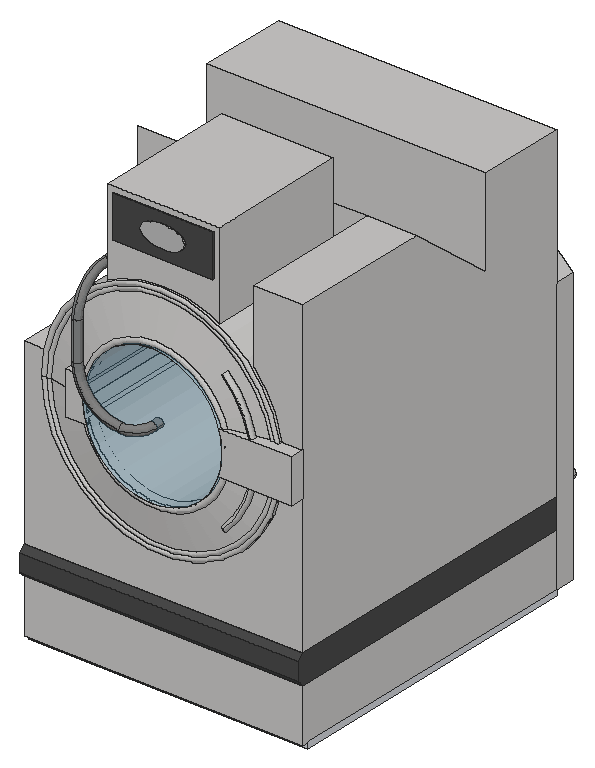
Revit family
Parameters (values of type "!!This family is not loaded correctly, check that you are not in the family editor and that the type catalog is available")
  _2 Drain Outlets = 1
  _150 Visibility = 0
  Water Inlet Connection Radius = Water Inlet Connection / 2  # 0.500"
  Water Inlet Connection = 1.000"
  Voltage Class = "Q"
  Voltage [instance] = 208 V
  Visibility Clearance Space [instance] = no
  Unit Elevation = 0.906"
  URL = "http://www.unimac.com/Products/we.asp"
  Top Width = B1 / 2.5  # 20.000"
  Top Distance = B1 / 8.384  # 5.96374"
  Supply Valve Box Placement = B1 / 8  # 6.250"
  Small Capacity Pipe Placement 2 = Cylinder Radius / 1.01  # 21.28713"
  Small Capacity Pipe Placement = Top Width / 1.8  # 11.11111"
  Side Clearance = 16.000"
  Serial Plate Rating = "200-208/220-240/50/60/3ph"
  Rear Clearance = 14.000"
  Q = 3.500"
  Product Family = "UWN"
  P = 2.800"
  Overall Width = 50.000"
  Overall Height = 79.000"
  Overall Depth = 63.000"
  Outside Door Radius = Door Radius + 1.000"  # 13.500"
  Other Capacities Geometry Visibility = not([150 Visibility])  # yes
  OmniClass Title = "Commercial Laundry Equipment"
  OmniClass Number = "23.45.70.11.14"
  O = 5.000"
  Number of Speeds = 2
  Number of Poles = 3
  N = 2.300"
  Model = "!! Family not loaded correctly"
  Material = Metal - Steel - Stainless - Alliance Laundry
  MasterFormat Section Title = "Commercial Washers and Extractors"
  MasterFormat Section Number = "11 23 26"
  Manufacturer = "Alliance Laundry"
  M = 3.600"
  Label Placement = Cylinder Radius * 1.2  # 25.800"
  L = 7.100"
  K = 66.000"
  J = 63.000"
  Hot Water Consumption = "GPH"
  Height of Door Bottom Above Floor = 32.000"
  Heater = "P"
  H = 16.000"
  G2 = 56.000"
  Frequency [instance] = 50 Hz
  Floor Requirement = "Must have 12 inches of concrete beneath the machine. Do Not isolate the pad"
  F = 79.000"
  E2 = 3.000"
  Dynamic Load = 0.00 kip
  Dynamic Load Frequency = 0 Hz
  Drive Motor Power = 1342.26 VA
  Drain Radius = Drain Diameter / 2  # 1.1875"
  Drain Placement = if([2 Drain Outlets], D / 2, 0.000")  # 31.500"
  Drain Diameter = 2.375"
  Door Radius = Door Opening Size / 2  # 12.500"
  Door Opening Size = 25.000"
  Door Handle Radius = Door Radius * 1.4  # 17.500"
  Door Bracket Width = Door Radius / 1.6  # 7.8125"
  Door Bracket Placement = (Cylinder Radius - Door Radius) / 2  # 4.500"
  Description = "Washer-Extractor"
  D = 63.000"
  Cylinder Volume = 0.65129 m³
  Cylinder Radius = Cylinder Diameter / 2  # 21.500"
  Cylinder Diameter = 43.000"
  Cylinder Depth = 28.000"
  Control = "K"
  Concrete Min = 0.000"
  Circuit Breaker Size = 0 A
  Capacity = "35"
  C = 32.000"
  Body Height 2 = Overall Height / 15  # 5.26667"
  Body Height 1 = 9.667"
  Base Height = C / 32  # 1.000"
  Back Width = G2 / 3.5  # 16.000"
  Back Elevation = 1.000"
  B1 = 50.000"
  Assembly Code = "E1010610"
  Apparent Power = Drive Motor Power  # 1342.26 VA
  Apparent Load = Drive Motor Power  # 1342.26 VA
  Actual Amp Draw = 0 A
  A = 50.000"
  2 Drain Outlets = _2 Drain Outlets = 1  # yes
  150 Visibility = _150 Visibility = 1  # no
Reference planes (in)
  plane 1 "Center (Front/Back)": y = 0
  plane 2: z = 0
  plane 3 "Center (Left/Right)": x = 0
  plane 4: x = -25
  plane 5: x = 25
  plane 6: z = 79
  plane 7: z = 32
  plane 8: y = 31.5
  plane 9: y = -31.5
  plane 10: y = 24.5
  plane 11: y = -25.5
  plane 12: y = -3.5
  plane 13: z = 44.5
  plane 14: y = -34.5
  plane 15: x = -11.11111
  plane 16: z = 65.78713
  plane 17: y = 28
  plane 18: y = -28
  plane 19: y = 34.5
  plane 20: y = -30.5
  plane 21 "Drain Placement": y = 31.5
  plane 22: through (-11.385, -180, 68.1) normal (-0.7071, 0, -0.7071)
  plane 23: through (-25.125, -180, 54.36) normal (-0.7071, 0, -0.7071)
  plane 24: x = 13.64348
  plane 25: x = -1.62704
  plane 26: x = 1.62704
  plane 27: x = -41
  plane 28: y = 48.5
  plane 29: x = 32.16047
Forms (in)
  Extrusion 1, solid, visible <- "Other Capacities Geometry Visibility", detail levels fine
    sketch origin (0, 0, 0) x (1, 0, 0) y (0, 1, 0)
      loop
        line (-25, 28) -> (-25, -28) -> (25, -28) -> (25, 28) -> (-25, 28)
    from 0 to 1
  Extrusion 2, solid, material "Metal - Steel - Stainless - Alliance Laundry" <- "Material", visible <- "150 Visibility", detail levels fine
    sketch origin (0, 0, 0) x (1, 0, 0) y (0, 0, 1)
      loop
        line (-25, 0) -> (-17.5, 0) -> (-17.5, 3) -> (17.5, 3) -> (17.5, 0) -> (25, 0) -> (25, 0.91331) -> (23.5, 0.91331) -> (23.5, 5.25) -> (-23.5, 5.25) -> (-23.5, 0.91331) -> (-25, 0.91331) -> (-25, 0)
    from -28 to 28
  Extrusion 3, solid, material "Metal - Steel - Stainless - Alliance Laundry" <- "Material", detail levels fine
    sketch origin (0, 0, 0) x (1, 0, 0) y (0, 1, 0)
      loop
        line (-25, 28) -> (-25, -29) -> (25, -29) -> (25, 28) -> (-25, 28)
    from 0.906 to 10.573
  Extrusion 4, solid, material "Plastic - Black - Alliance Laundry", detail levels fine
    sketch origin (0, 0.5, 0) x (0, 1, 0) y (0, 0, 1)
      loop
        line (-29.5, 15.83967) -> (-30.5, 14.83967) -> (-30.5, 11.573) -> (-29.5, 10.573) -> (27.5, 10.573) -> (27.5, 15.83967) -> (-29.5, 15.83967)
    from -25 to 25
  Extrusion 5, solid, material "Metal - Steel - Stainless - Alliance Laundry" <- "Material", detail levels fine
    sketch origin (0, 0, 0) x (1, 0, 0) y (0, 0, 1)
      loop
        line (-25, 48.40625) -> (-25, 15.83967) -> (25, 15.83967) -> (25, 48.40625) -> (21.0252, 48.40625)
        arc (21.0252, 48.40625) -> (0, 23.11501) -> (-21.0252, 48.40625) r 21.38499
        line (-21.0252, 48.40625) -> (-25, 48.40625)
    from -28 to 29
  Extrusion 6, solid, material "Metal - Steel - Stainless - Alliance Laundry" <- "Material", detail levels fine
    sketch origin (0, 0, 0) x (1, 0, 0) y (0, 0, 1)
      loop
        arc (-10, 63.50651) -> (0, 65.97667) -> (10, 63.50651) r 21.47667
        line (10, 63.50651) -> (10, 79) -> (-10, 79) -> (-10, 63.50651)
    from 3.5 to 29
  Extrusion 7, solid, material "Metal - Steel - Stainless - Alliance Laundry" <- "Material", detail levels fine
    sketch origin (0, 0, 0) x (0, 1, 0) y (0, 0, 1)
      loop
        line (12, 59.03967) -> (-3.5, 71.78773) -> (-3.5, 15.83967) -> (12, 15.83967) -> (12, 59.03967)
    from -25 to 25
  Extrusion 8, solid, material "Metal - Steel - Stainless - Alliance Laundry" <- "Material", detail levels fine
    sketch origin (0, 0, 0) x (1, 0, 0) y (0, 0, 1)
      loop
        line (-25, 75) -> (-25, 15.83967) -> (25, 15.83967) -> (25, 75) -> (-25, 75)
    from -28 to -12
  Extrusion 9, solid, material "Metal - Steel - Stainless - Alliance Laundry" <- "Material", detail levels fine
    sketch origin (0, 0, 0) x (1, 0, 0) y (0, 0, 1)
      loop
        line (25, 1) -> (25, 50.32944) -> (11.32944, 64) -> (-11.32944, 64) -> (-25, 50.32944) -> (-25, 1) -> (25, 1)
    from -31.5 to -28
  Sweep 10, solid, material "Metal - Steel - Dark Grey - Alliance Laundry", visible <- "Other Capacities Geometry Visibility", detail levels fine
    path in 3D
      loop
        line (0, -30, 44.5) -> (0, -31.5, 44.5)
        arc (0, -31.5, 44.5) -> (-0.87868, -33.62132, 44.5) -> (-3, -34.5, 44.5) r 3
        arc (-3, -34.5, 44.5) -> (-8.73542, -34.5, 46.87569) -> (-11.11111, -34.5, 52.61111) r 8.11111
        line (-11.11111, -34.5, 52.61111) -> (-11.11111, -34.5, 59.45954)
        arc (-11.11111, -34.5, 59.45954) -> (-11.11111, -32.64669, 63.93382) -> (-11.11111, -28.17241, 65.78713) r 6.32759
        line (-11.11111, -28.17241, 65.78713) -> (-11.11111, -16.98541, 65.78713)
        arc (-11.11111, -16.98541, 65.78713) -> (-9.97202, -14.23541, 65.78713) -> (-7.22202, -13.09632, 65.78713) r 3.88909
    profile origin (0, -30.75, 44.5) x (1, 0, 0) y (0, 0, 1)
      loop
        circle (0, 0) r 0.75
  Extrusion 11, solid, material "Metal - Steel - Stainless - Alliance Laundry" <- "Material", detail levels fine
    sketch origin (0, 0, 0) x (1, 0, 0) y (0, 0, 1)
      loop
        circle (0, 44.5) r 21.5
      loop
        circle (0, 44.5) r 12.5
    from 0 to 31.5
  Sweep 12, void
    path in 3D
      loop
        arc (-21.5, -31.5, 44.5) -> (0, -31.5, 66) -> (21.5, -31.5, 44.5) r 21.5
        arc (21.5, -31.5, 44.5) -> (0, -31.5, 23) -> (-21.5, -31.5, 44.5) r 21.5
    profile origin (0, -31.5, 23) x (0, 0, -1) y (0, -1, 0)
      loop
        line (-8.053, -0.72957) -> (-1.5905, -2.13297)
        arc (-1.5905, -2.13297) -> (-1.19367, -1.83857) -> (-0.83264, -2.17592) r 0.38584
        arc (-0.83264, -2.17592) -> (-0.41632, -1.7596) -> (0, -2.17592) r 0.41632
        line (0, -2.17592) -> (0, 0) -> (-9, 0) -> (-9, -0.72957)
        arc (-9, -0.72957) -> (-8.5265, -0.25607) -> (-8.053, -0.72957) r 0.4735
  Extrusion 13, solid, material "Glass", detail levels fine
    sketch origin (0, 0, 0) x (1, 0, 0) y (0, 0, 1)
      loop
        circle (0, 44.5) r 12.5
    from 29 to 31.5
  Extrusion 14, solid, material "Metal - Steel - Stainless - Alliance Laundry" <- "Material", visible <- "Other Capacities Geometry Visibility", detail levels fine
    sketch origin (0, 0, 0) x (1, 0, 0) y (0, 0, 1)
      loop
        line (25, 48.40625) -> (11.87397, 48.40625)
        arc (11.87397, 48.40625) -> (12.5, 44.5) -> (11.87397, 40.59375) r 12.5
        line (11.87397, 40.59375) -> (25, 40.59375) -> (25, 48.40625)
    from 29 to 31.5
  Sweep 15, solid, material "Metal - Steel - Stainless - Alliance Laundry" <- "Material", visible <- "Other Capacities Geometry Visibility", detail levels fine
    path in 3D
      loop
        arc (12.24745, -30.5, 57) -> (17.5, -30.5, 44.5) -> (12.24745, -30.5, 32) r 17.5
    profile origin (17.5, -30.5, 44.5) x (0, -1, 0) y (1, 0, 0)
      loop
        circle (0, 0) r 0.5
  Extrusion 16, solid, material "Metal - Steel - Stainless - Alliance Laundry", detail levels fine
    sketch origin (0, 0, 0) x (1, 0, 0) y (0, 0, 1)
      loop
        line (-11.87397, 48.40625) -> (-15.61111, 48.40625) -> (-15.61111, 40.59375) -> (-11.87397, 40.59375)
        arc (-11.87397, 40.59375) -> (-12.5, 44.5) -> (-11.87397, 48.40625) r 12.5
    from 0 to 31.5
  Extrusion 17, solid, material "Plastic - Black - Alliance Laundry", detail levels fine
    sketch origin (0, 0, 0) x (1, 0, 0) y (0, 0, 1)
      loop
        line (-9, 78) -> (-9, 70.3) -> (9, 70.3) -> (9, 78) -> (-9, 78)
    from 29 to 29.11916
  Extrusion 18, solid, material "Metal - Steel - Stainless - Alliance Laundry" <- "Material", detail levels fine
    sketch origin (0, 0, 0) x (1, 0, 0) y (0, 0, 1)
      loop
        line (25, 48.40625) -> (25, 71.78773) -> (16.25, 71.78773) -> (16.25, 58.40164)
        arc (16.25, 58.40164) -> (19.29604, 53.7185) -> (21.0252, 48.40625) r 21.38499
        line (21.0252, 48.40625) -> (25, 48.40625)
    from 3.5 to 29
  Extrusion 19, solid, material "Metal - Steel - Stainless - Alliance Laundry" <- "Material", detail levels fine
    sketch origin (0, 0, 0) x (1, 0, 0) y (0, 0, 1)
      loop
        circle (21.4, 70.28282) r 0.5
      loop
        circle (17.9, 70.28282) r 0.5
      loop
        circle (22.7, 67.83341) r 0.5
      loop
        circle (20, 67.83341) r 0.5
    from -28.3182 to -28
  Extrusion 20, solid, material "Metal - Steel - Stainless - Alliance Laundry", detail levels fine
    sketch origin (0, 0, 0) x (1, 0, 0) y (0, 0, 1)
      loop
        circle (0, 65.45242) r 1
    from -28.3182 to -28
  Extrusion 21, solid, material "Metal - Steel - Stainless - Alliance Laundry", detail levels fine
    sketch origin (0, 0, 0) x (1, 0, 0) y (0, 0, 1)
      loop
        circle (22.28204, 46.7494) r 1.5
    from -31.94987 to -31.5
  Extrusion 22, solid, material "Metal - Steel - Stainless - Alliance Laundry", detail levels fine
    sketch origin (0, 0, 0) x (1, 0, 0) y (0, 0, 1)
      loop
        circle (-17.23788, 60.21288) r 0.75
    from -28 to -28.3182
  Extrusion 23, solid, material "Metal - Steel - Stainless - Alliance Laundry", detail levels fine
    sketch origin (0, 0, 0) x (1, 0, 0) y (0, 0, 1)
      loop
        circle (21.97962, 16) r 1.1875
    from -31.5 to -34.5
  Extrusion 24, solid, material "Metal - Steel - Stainless - Alliance Laundry" <- "Material", visible <- "2 Drain Outlets", detail levels fine
    sketch origin (0, 31.5, 38.36428) x (0, 0, 1) y (-1, 0, 0)
      loop
        circle (-22.36428, -16.82565) r 1.1875
    from -3 to 0
  Sweep 25, solid, material "Metal - Steel - Dark Grey - Alliance Laundry", visible <- "150 Visibility", detail levels fine
    path in 3D
      loop
        arc (16.82546, -26.36827, 66.84323) -> (14.57546, -27.30025, 66.84323) -> (13.64348, -29.55025, 66.84323) r 3.18198
        arc (13.64348, -29.55025, 66.84323) -> (13.64348, -33.05025, 65.39348) -> (13.64348, -34.5, 61.89348) r 4.94975
        line (13.64348, -34.5, 61.89348) -> (13.64348, -34.5, 48.64348)
        arc (13.64348, -34.5, 48.64348) -> (12.42989, -34.5, 45.7136) -> (9.5, -34.5, 44.5) r 4.14348
        line (9.5, -34.5, 44.5) -> (3, -34.5, 44.5)
        arc (3, -34.5, 44.5) -> (0.87868, -33.62132, 44.5) -> (0, -31.5, 44.5) r 3
        line (0, -31.5, 44.5) -> (0, -29, 44.5)
    profile origin (0, -30.25, 44.5) x (-1, 0, 0) y (0, 0, 1)
      loop
        circle (0, 0) r 0.75
  Extrusion 26, solid, material "Metal - Steel - Stainless - Alliance Laundry" <- "Material", detail levels coarse
    sketch origin (-11.16667, -34.5, 62.36853) x (0, 1, 0) y (-1, 0, 0)
      loop
        line (69, 13.83333) -> (3, 13.83333) -> (3, -36.16667) -> (69, -36.16667) -> (69, 13.83333)
    from -62.36853 to 16.63147
  Extrusion 27, solid, material "Metal - Steel - Stainless - Alliance Laundry" <- "Material", detail levels medium
    sketch origin (0, -34.5, 53.5) x (0, 0, -1) y (-1, 0, 0)
      loop
        circle (9, 0) r 21.5
    from 3.72957 to 31
  Extrusion 28, solid, material "Metal - Steel - Stainless - Alliance Laundry" <- "Material", detail levels medium
    sketch origin (0, -34.5, 53.5) x (0, 0, -1) y (-1, 0, 0)
      loop
        arc (5.09375, 21.14217) -> (29.74611, -5.64349) -> (-5.07791, -16.25) r 21.5
        line (-5.07791, -16.25) -> (-18.28773, -16.25) -> (-18.28773, -25) -> (53.5, -25) -> (53.5, 25) -> (5.09375, 25) -> (5.09375, 21.14217)
    from 6.5 to 31
  Extrusion 29, solid, material "Metal - Steel - Stainless - Alliance Laundry" <- "Material", detail levels medium
    sketch origin (0, -34.5, 53.5) x (0, 0, -1) y (-1, 0, 0)
      loop
        line (-25.5, 25) -> (-25.5, -25) -> (53.5, -25) -> (53.5, 25) -> (-25.5, 25)
    from 31 to 66
  Extrusion 30, solid, material "Metal - Steel - Stainless - Alliance Laundry" <- "Material", detail levels medium
    sketch origin (0, -34.5, 53.5) x (0, 0, -1) y (-1, 0, 0)
      loop
        line (-10.00651, 10) -> (-25.5, 10) -> (-25.5, -10) -> (-10.00651, -10)
        arc (-10.00651, -10) -> (-12.47667, 0) -> (-10.00651, 10) r 21.47667
    from 6.5 to 31
  Extrusion 31, solid, material "Metal - Steel - Stainless - Alliance Laundry", detail levels medium
    sketch origin (0, -34.5, 53.5) x (0, 0, -1) y (-1, 0, 0)
      loop
        circle (9, 0) r 12.5
    from 3 to 3.72957
  Extrusion 32, solid, material "Metal - Steel - Stainless - Alliance Laundry" <- "Material", visible <- "150 Visibility", detail levels fine
    sketch origin (0, -31.5, 92.27586) x (0, 0, 1) y (-1, 0, 0)
      loop
        arc (-35.3822, -1.62704) -> (-49.4029, -12.39366) -> (-60.16952, 1.62704) r 12.5
        line (-60.16952, 1.62704) -> (-62.08928, 1.62704) -> (-62.08928, -13.5) -> (-33.46244, -13.5) -> (-33.46244, -1.62704) -> (-35.3822, -1.62704)
    from -1.5 to 0
  Extrusion 33, solid, material "Clearance", visible <- "Visibility Clearance Space"
    sketch origin (0, 0, 0) x (1, 0, 0) y (0, 1, 0)
      loop
        line (-41, 48.5) -> (-41, -34.5) -> (32.16047, -34.5) -> (32.16047, 48.5) -> (-41, 48.5)
    from 0 to 79
Cuts and joins
  Sweep 12 cuts Extrusion 5
  Sweep 12 cuts Extrusion 6
  Sweep 12 cuts Extrusion 7
  Sweep 12 cuts Extrusion 8
  Sweep 12 cuts Extrusion 11
  joined: Extrusion 5, Extrusion 6, Extrusion 7, Extrusion 8, Extrusion 11, Extrusion 18, Extrusion 19
  Sweep 12 cuts Sweep 10
  joined: Extrusion 14, Sweep 15
Lines and regions (in)
  Masking region 1, detail levels coarse
    outline origin (-11.16667, -34.5, 62.36853) x (0, 1, 0) y (-1, 0, 0)
      loop
        line (69, 13.83333) -> (3, 13.83333) -> (3, -36.16667) -> (69, -36.16667) -> (69, 13.83333)
  Masking region 2, detail levels medium+fine
    outline origin (-11.16667, -34.5, 62.36853) x (0, 1, 0) y (-1, 0, 0)
      loop
        line (5.5, 13.83333) -> (5.5, 10.20833) -> (3.72957, 10.20833) -> (3.72957, 1.19333) -> (3, 1.19333) -> (3, -23.52667) -> (3.72957, -23.52667) -> (3.72957, -32.54167) -> (5.5, -32.54167) -> (5.5, -36.16667) -> (69, -36.16667) -> (69, 13.83333) -> (5.5, 13.83333)
  Masking region 3, detail levels coarse
    outline origin (13.64348, -34.5, 48.64348) x (0, 0, 1) y (0, 1, 0)
      loop
        line (30.35652, 69) -> (-48.64348, 69) -> (-48.64348, 3) -> (30.35652, 3) -> (30.35652, 69)
  Masking region 4, detail levels medium
    outline origin (13.64348, -34.5, 48.64348) x (0, 0, 1) y (0, 1, 0)
      loop
        line (30.35652, 31) -> (26.49652, 31) -> (26.49652, 69) -> (-48.64348, 69) -> (-48.64348, 6.5) -> (-25.64348, 6.5) -> (-25.64348, 3) -> (17.35652, 3) -> (17.35652, 6.5) -> (30.35652, 6.5) -> (30.35652, 31)
  Masking region 5, detail levels fine
    outline origin (13.64348, -34.5, 48.64348) x (0, 0, 1) y (0, 1, 0)
      loop
        line (-48.64348, 6.5) -> (-25.64348, 6.5) -> (-25.64348, 3) -> (17.35652, 3) -> (17.35652, 6.5) -> (30.35652, 6.5) -> (30.35652, 31) -> (23.14424, 31) -> (10.39618, 46.5) -> (26.49652, 46.5) -> (26.49652, 69) -> (-38.75348, 69) -> (-38.75348, 59) -> (-41.75348, 59) -> (-41.75348, 69) -> (-48.64348, 69) -> (-48.64348, 6.5)
  Masking region 6
    outline origin (0, -34.5, 53.5) x (0, 0, -1) y (-1, 0, 0)
      loop
        line (-25.5, 25) -> (-25.5, -25) -> (53.5, -25) -> (53.5, 25) -> (-25.5, 25)
  reference lines
    curve 1: line (0, -30, 44.5) -> (0, -31.5, 44.5)
    curve 2: arc (0, -31.5, 44.5) -> (-0.87868, -33.62132, 44.5) -> (-3, -34.5, 44.5) r 3
    curve 3: arc (-3, -34.5, 44.5) -> (-8.73542, -34.5, 46.87569) -> (-11.11111, -34.5, 52.61111) r 8.11111
    curve 4: arc (-11.11111, -28.17241, 65.78713) -> (-11.11111, -32.64669, 63.93382) -> (-11.11111, -34.5, 59.45954) r 6.32759
    curve 5: line (-11.11111, -34.5, 59.45954) -> (-11.11111, -34.5, 52.66667)
    curve 6: line (-11.11111, -28.17241, 65.78713) -> (-11.11111, -16.98541, 65.78713)
    curve 15: arc (-11.11111, -16.98541, 65.78713) -> (-9.97202, -14.23541, 65.78713) -> (-7.22202, -13.09632, 65.78713) r 3.88909
    curve 17: arc (12.24745, -30.5, 57) -> (17.5, -30.5, 44.5) -> (12.24745, -30.5, 32) r 17.5
    curve 19: arc (0, -31.5, 44.5) -> (0.87868, -33.62132, 44.5) -> (3, -34.5, 44.5) r 3
    curve 20: line (0, -31.5, 44.5) -> (0, -29, 44.5)
    curve 21: line (3, -34.5, 44.5) -> (9.5, -34.5, 44.5)
    curve 25: arc (9.5, -34.5, 44.5) -> (12.42989, -34.5, 45.7136) -> (13.64348, -34.5, 48.64348) r 4.14348
    curve 27: line (13.64348, -34.5, 48.64348) -> (13.64348, -34.5, 61.89348)
    curve 29: arc (13.64348, -34.5, 61.89348) -> (13.64348, -33.05025, 65.39348) -> (13.64348, -29.55025, 66.84323) r 4.94975
    curve 31: arc (13.64348, -29.55025, 66.84323) -> (14.57546, -27.30025, 66.84323) -> (16.82546, -26.36827, 66.84323) r 3.18198
    curve 32: line (13.64348, -29.55025, 66.84323) -> (13.64348, -26.80025, 66.84323)
  sketch lines
    curve 7: line (0, -30, 44.5) -> (0, -31.5, 44.5)
    curve 8: arc (0, -31.5, 44.5) -> (-0.87868, -33.62132, 44.5) -> (-3, -34.5, 44.5) r 3
    curve 9: arc (-3, -34.5, 44.5) -> (-8.73542, -34.5, 46.87569) -> (-11.11111, -34.5, 52.61111) r 8.11111
    curve 10: arc (-11.11111, -28.17241, 65.78713) -> (-11.11111, -32.64669, 63.93382) -> (-11.11111, -34.5, 59.45954) r 6.32759
    curve 11: line (-11.11111, -28.17241, 65.78713) -> (-11.11111, -16.98541, 65.78713)
    curve 12: line (-11.11111, -34.5, 59.45954) -> (-11.11111, -34.5, 52.61111)
    curve 13: arc (21.5, -31.5, 44.5) -> (0, -31.5, 23) -> (-21.5, -31.5, 44.5) r 21.5
    curve 14: arc (-21.5, -31.5, 44.5) -> (0, -31.5, 66) -> (21.5, -31.5, 44.5) r 21.5
    curve 16: arc (-11.11111, -16.98541, 65.78713) -> (-9.97202, -14.23541, 65.78713) -> (-7.22202, -13.09632, 65.78713) r 3.88909
    curve 18: arc (12.24745, -30.5, 57) -> (17.5, -30.5, 44.5) -> (12.24745, -30.5, 32) r 17.5
    curve 22: line (0, -31.5, 44.5) -> (0, -29, 44.5)
    curve 23: arc (0, -31.5, 44.5) -> (0.87868, -33.62132, 44.5) -> (3, -34.5, 44.5) r 3
    curve 24: line (3, -34.5, 44.5) -> (9.5, -34.5, 44.5)
    curve 26: arc (9.5, -34.5, 44.5) -> (12.42989, -34.5, 45.7136) -> (13.64348, -34.5, 48.64348) r 4.14348
    curve 28: line (13.64348, -34.5, 48.64348) -> (13.64348, -34.5, 61.89348)
    curve 30: arc (13.64348, -34.5, 61.89348) -> (13.64348, -33.05025, 65.39348) -> (13.64348, -29.55025, 66.84323) r 4.94975
    curve 33: arc (13.64348, -29.55025, 66.84323) -> (14.57546, -27.30025, 66.84323) -> (16.82546, -26.36827, 66.84323) r 3.18198
  symbolic lines, detail levels fine
    curve 34: line (25, -28, 62.36853) -> (-25, -28, 62.36853)
    curve 35: line (-25, -3.5, 62.36853) -> (25, -3.5, 62.36853)
    curve 36: line (-25, 31.5, 62.36853) -> (25, 31.5, 62.36853)
    curve 37: line (10, -3.5, 62.36853) -> (10, -28, 62.36853)
    curve 38: line (-10, -3.5, 62.36853) -> (-10, -28, 62.36853)
    curve 41: line (-9.99444, -34.5, 63.53578) -> (-9.99444, -34.5, 79)
    curve 42: line (10.05, -34.5, 79) -> (10.05, -34.5, 63.50651)
    curve 43: line (-25, -34.5, 0.906) -> (25, -34.5, 0.906)
    curve 44: line (-25, -34.5, 48.40625) -> (-21.14217, -34.5, 48.40625)
    curve 45: line (21.14217, -34.5, 48.40625) -> (25, -34.5, 48.40625)
  symbolic lines, detail levels medium+fine
    curve 39: circle (0, -34.5, 44.5) r 21.5 normal (0, 1, 0)
    curve 40: circle (0, -34.5, 44.5) r 12.5 normal (0, 1, 0)
Dimensions and locks (in)
  "B1": plane 5 to plane 4
  equal spacing: plane 5, plane 3 "Center (Left/Right)", plane 4
  "F": plane 6 to plane 2
  "C": plane 7 to plane 2
  "D": plane 8 to plane 9
  equal spacing: plane 8, plane 1 "Center (Front/Back)", plane 9
  "A": Extrusion 1 sketch curve to Extrusion 1 sketch curve
  "G2": Extrusion 1 sketch curve to Extrusion 1 sketch curve
  equal spacing: Extrusion 1 sketch curve, plane 3 "Center (Left/Right)", Extrusion 1 sketch curve
  equal spacing: Extrusion 1 sketch curve, plane 1 "Center (Front/Back)", Extrusion 1 sketch curve
  "A": Extrusion 2 sketch curve to Extrusion 2 sketch curve
  equal spacing: Extrusion 2 sketch curve, plane 3 "Center (Left/Right)", Extrusion 2 sketch curve  (x3)
  "G2": Extrusion 2 to Extrusion 2
  equal spacing: Extrusion 2, plane 1 "Center (Front/Back)", Extrusion 2
  "Base Height": Extrusion 1 to plane 2
  "B1": Extrusion 3 sketch curve to Extrusion 3 sketch curve
  equal spacing: Extrusion 3 sketch curve, plane 3 "Center (Left/Right)", Extrusion 3 sketch curve
  "Unit Elevation": Extrusion 3 to plane 2
  "Body Height 1": Extrusion 3 to Extrusion 3
  locked: Extrusion 2 to Extrusion 3 sketch curve at 1
  "Body Height 2": Extrusion 4 sketch curve to Extrusion 4 sketch curve
  "Cylinder Depth": plane 12 to plane 9
  "Door Radius": plane 7 to Extrusion 5 sketch curve
  locked: Extrusion 3 to Extrusion 4 at 1
  equal spacing: Extrusion 6 sketch curve, plane 3 "Center (Left/Right)", Extrusion 6 sketch curve
  "Top Width": Extrusion 6 sketch curve to Extrusion 6 sketch curve
  "Door Radius": plane 13 to plane 7
  "Small Capacity Pipe Placement": plane 3 "Center (Left/Right)" to plane 15
  "Small Capacity Pipe Placement 2": plane 16 to plane 13
  locked: plane 14 to plane 9 at 3
  "G2": plane 17 to plane 18
  equal spacing: plane 17, plane 1 "Center (Front/Back)", plane 18
  curve 4 to plane 11 = 2.67241"
  "E2": plane 19 to plane 8
  "Back Elevation": Extrusion 9 sketch curve to plane 2
  "J": Extrusion 9 sketch curve to Extrusion 9 sketch curve
  equal spacing: Extrusion 14 sketch curve, plane 13, Extrusion 14 sketch curve
  "Door Bracket Width": Extrusion 14 sketch curve to Extrusion 14 sketch curve
  locked: plane 20 to plane 9 at 1
  "Door Radius": plane 13 to curve 17
  "Door Radius": curve 17 to plane 13
  "Door Bracket Placement": Extrusion 16 sketch curve to plane 15
  "Door Bracket Width": Extrusion 16 sketch curve to Extrusion 16 sketch curve
  equal spacing: Extrusion 16 sketch curve, plane 13, Extrusion 16 sketch curve
  locked: plane 6 to Extrusion 17 sketch curve at 1
  locked: cut or joined group 1 (Extrusion 5, Extrusion 6, Extrusion 7, Extrusion 8, Extrusion 11, Sweep 12, Extrusion 18, Extrusion 19) to Extrusion 17 sketch curve at 1
  locked: Extrusion 17 sketch curve to cut or joined group 1 at 1
  "Label Placement": Extrusion 17 sketch curve to plane 13
  "Supply Valve Box Placement": Extrusion 18 sketch curve to cut or joined group 1
  "M": plane 5 to Extrusion 19 sketch curve
  "L": plane 5 to Extrusion 19 sketch curve
  "N": plane 5 to Extrusion 19 sketch curve
  "O": plane 5 to Extrusion 19 sketch curve
  locked: Extrusion 20 sketch curve to Extrusion 9 at 1.45242
  locked: cut or joined group 1 to Extrusion 21 sketch curve at 12.29026
  locked: Extrusion 20 to cut or joined group 1 at 0.3182
  locked: Extrusion 21 to Extrusion 9 at 0.44987
  locked: plane 5 to Extrusion 21 sketch curve at 2.71796
  equal spacing: Extrusion 9 sketch curve, plane 3 "Center (Left/Right)", Extrusion 9 sketch curve
  locked: Extrusion 22 sketch curve to Extrusion 9 at 1.5
  "H": Extrusion 23 sketch curve to plane 2
  "Drain Placement": plane 21 "Drain Placement" to plane 1 "Center (Front/Back)"
  "H": Extrusion 24 sketch curve to plane 2
  "E2": Extrusion 24 to Extrusion 24
  "E2": Extrusion 23 to plane 8
  equal spacing: plane 23, Extrusion 22 sketch curve, plane 22
  locked: plane 3 "Center (Left/Right)" to plane 24 at 13.64348
  locked: Extrusion 17 to cut or joined group 1 at 0.11916
  equal spacing: Masking region 2 sketch curve, plane 3 "Center (Left/Right)", Masking region 2 sketch curve  (x2)
  "Cylinder Radius": Masking region 4 sketch curve to plane 13
  "Cylinder Radius": plane 13 to Masking region 4 sketch curve
  "Unit Elevation": curve 43 to plane 2
  "Cylinder Radius": Masking region 5 sketch curve to plane 13
  "Cylinder Radius": plane 13 to Masking region 5 sketch curve
  equal spacing: Extrusion 17, nested 1, Extrusion 17
  plane 25 to plane 3 "Center (Left/Right)" to plane 26 = 1.62704" locked, 1.62704" locked
  equal spacing: Extrusion 32 sketch curve, plane 13, Extrusion 32 sketch curve
  locked: plane 7 to Extrusion 32 sketch curve at 1.81342
  "Outside Door Radius": Extrusion 32 sketch curve to plane 3 "Center (Left/Right)"
  "Rear Clearance": plane 19 to plane 28
  "Side Clearance": plane 27 to plane 4
  "Cylinder Radius": radius of Extrusion 11 sketch curve
  "Door Radius": radius of Extrusion 11 sketch curve
  "Door Radius": radius of Extrusion 13 sketch curve
  "Door Radius": radius of Extrusion 14 sketch curve
  "Door Handle Radius": radius of curve 17
  "Door Radius": radius of Extrusion 16 sketch curve
  "Water Inlet Connection Radius": radius of Extrusion 19 sketch curve  (x4)
  "Drain Radius": radius of Extrusion 23 sketch curve
  "Drain Radius": radius of Extrusion 24 sketch curve
  "Cylinder Radius": radius of Extrusion 27 sketch curve
  "Cylinder Radius": radius of Extrusion 28 sketch curve
  "Door Radius": radius of Extrusion 31 sketch curve
  "Cylinder Radius": radius of curve 39
  "Door Radius": radius of curve 40
  locked: Extrusion 4 sketch curve to Extrusion 4 sketch curve (angle 45.00°)  (x2)
  locked: Extrusion 9 sketch curve to plane 4 (angle 45.00°)
  locked: plane 5 to Extrusion 9 sketch curve (angle 45.00°)
  locked: Extrusion 9 to plane 23 (angle 90.00°)
  locked: plane 22 to Extrusion 9 (angle 90.00°)
  aligned and locked: Extrusion 3 sketch curve to Extrusion 2
  aligned and locked: Extrusion 4 sketch curve to Extrusion 3
  aligned and locked: Extrusion 4 to plane 4
  aligned and locked: plane 5 to Extrusion 4
  aligned and locked: plane 3 "Center (Left/Right)" to Extrusion 5 sketch curve
  aligned and locked: Extrusion 5 sketch curve to plane 5
  aligned and locked: plane 4 to Extrusion 5 sketch curve
  aligned and locked: Extrusion 3 to Extrusion 5
  aligned and locked: Extrusion 4 to Extrusion 1
  aligned and locked: Extrusion 5 to Extrusion 3
  aligned and locked: Extrusion 6 sketch curve to plane 6
  aligned and locked: Extrusion 3 to Extrusion 6
  aligned and locked: cut or joined group 1 to Extrusion 4  (x3)
  aligned and locked: cut or joined group 1 to Extrusion 3
  aligned and locked: plane 9 to curve 1
  aligned and locked: plane 13 to curve 2  (x2)
  aligned and locked: Extrusion 3 to Extrusion 2
  aligned and locked: plane 17 to cut or joined group 1  (x2)
  aligned and locked: plane 17 to Extrusion 4
  aligned and locked: Extrusion 3 to plane 17
  aligned and locked: Extrusion 2 to plane 17
  aligned and locked: plane 5 to cut or joined group 1
  aligned and locked: cut or joined group 1 to plane 4  (x2)
  aligned and locked: Extrusion 8 sketch curve to plane 5
  aligned and locked: plane 4 to Extrusion 8 sketch curve
  aligned and locked: Extrusion 8 to plane 17
  aligned and locked: Extrusion 8 to cut or joined group 1
  aligned and locked: Extrusion 7 sketch curve to cut or joined group 1
  aligned and locked: Extrusion 8 sketch curve to Extrusion 4
  aligned and locked: Extrusion 9 to plane 8
  aligned and locked: plane 17 to Extrusion 9
  aligned and locked: plane 3 "Center (Left/Right)" to Extrusion 11 sketch curve  (x2)
  aligned and locked: plane 13 to Extrusion 11 sketch curve  (x2)
  aligned and locked: plane 9 to Extrusion 11
  aligned and locked: Extrusion 11 to plane 1 "Center (Front/Back)"
  aligned and locked: Extrusion 5 to Extrusion 6
  aligned and locked: plane 12 to cut or joined group 1
  aligned and locked: cut or joined group 1 to plane 12
  aligned and locked: plane 15 to curve 6
  aligned and locked: plane 9 to Extrusion 13
  aligned and locked: Extrusion 13 to Extrusion 3
  aligned and locked: Extrusion 14 sketch curve to plane 5
  aligned and locked: plane 9 to Extrusion 14
  aligned and locked: Extrusion 14 to Extrusion 3
  aligned and locked: Extrusion 5 sketch curve to Extrusion 14
  aligned and locked: Extrusion 5 sketch curve to Extrusion 5 sketch curve
  aligned and locked: Sweep 12 sketch curve to Extrusion 13
  aligned and locked: Sweep 12 sketch curve to plane 7
  aligned and locked: Extrusion 16 sketch curve to Extrusion 16 sketch curve
  aligned and locked: Extrusion 17 to cut or joined group 1
  aligned and locked: plane 3 "Center (Left/Right)" to Extrusion 18 sketch curve
  aligned and locked: plane 13 to Extrusion 18 sketch curve
  aligned and locked: plane 5 to Extrusion 18 sketch curve
  aligned and locked: Extrusion 18 sketch curve to cut or joined group of Extrusion 14, Sweep 15
  aligned and locked: Extrusion 3 to Extrusion 18
  aligned and locked: Extrusion 18 to plane 12
  aligned and locked: plane 9 to Extrusion 16
  aligned and locked: Extrusion 1 to Extrusion 19
  aligned and locked: plane 3 "Center (Left/Right)" to Extrusion 20 sketch curve
  aligned and locked: cut or joined group 1 to Extrusion 20
  aligned and locked: Extrusion 4 to Extrusion 20
  aligned and locked: plane 8 to Extrusion 21
  aligned and locked: Extrusion 22 to Extrusion 1
  aligned and locked: cut or joined group 1 to Extrusion 22
  aligned and locked: plane 21 "Drain Placement" to Extrusion 24
  aligned and locked: Extrusion 23 to plane 19
  aligned and locked: plane 8 to Extrusion 23
  aligned and locked: plane 19 to Extrusion 26 sketch curve
  aligned and locked: Extrusion 26 sketch curve to plane 9
  aligned and locked: plane 4 to Extrusion 26 sketch curve
  aligned and locked: Extrusion 26 sketch curve to plane 5
  aligned and locked: plane 6 to Extrusion 26
  aligned and locked: Extrusion 26 to plane 2
  aligned and locked: plane 13 to Extrusion 27 sketch curve
  aligned and locked: plane 3 "Center (Left/Right)" to Extrusion 27 sketch curve
  aligned and locked: Extrusion 27 to plane 12
  aligned and locked: plane 5 to Extrusion 28 sketch curve
  aligned and locked: Extrusion 28 sketch curve to plane 2
  aligned and locked: Extrusion 28 sketch curve to plane 4
  aligned and locked: Extrusion 28 sketch curve to cut or joined group 1  (x3)
  aligned and locked: Extrusion 28 to plane 12
  aligned and locked: Extrusion 28 to Extrusion 1
  aligned and locked: Extrusion 29 sketch curve to plane 6
  aligned and locked: plane 4 to Extrusion 29 sketch curve
  aligned and locked: Extrusion 29 sketch curve to plane 5
  aligned and locked: plane 2 to Extrusion 29 sketch curve
  aligned and locked: Extrusion 29 to plane 8
  aligned and locked: plane 12 to Extrusion 29
  aligned and locked: plane 3 "Center (Left/Right)" to Extrusion 30 sketch curve
  aligned and locked: plane 13 to Extrusion 30 sketch curve
  aligned and locked: Extrusion 30 sketch curve to plane 6
  aligned and locked: Extrusion 30 sketch curve to cut or joined group 1  (x2)
  aligned and locked: Extrusion 30 to plane 12
  aligned and locked: Extrusion 1 to Extrusion 30
  aligned and locked: plane 3 "Center (Left/Right)" to Extrusion 31 sketch curve
  aligned and locked: plane 13 to Extrusion 31 sketch curve
  aligned and locked: plane 9 to Extrusion 31
  aligned and locked: plane 4 to Masking region 1 sketch curve
  aligned and locked: Masking region 1 sketch curve to plane 5
  aligned and locked: plane 19 to Masking region 1 sketch curve
  aligned and locked: Masking region 1 sketch curve to plane 9
  aligned and locked: plane 12 to curve 35
  aligned and locked: plane 21 "Drain Placement" to curve 36
  aligned and locked: curve 35 to curve 37
  aligned and locked: curve 37 to cut or joined group 1
  aligned and locked: curve 38 to cut or joined group 1
  aligned and locked: plane 19 to Masking region 3 sketch curve
  aligned and locked: Masking region 3 sketch curve to plane 6
  aligned and locked: Masking region 3 sketch curve to plane 9
  aligned and locked: plane 2 to Masking region 3 sketch curve
  aligned and locked: plane 19 to Masking region 4 sketch curve
  aligned and locked: plane 2 to Masking region 4 sketch curve
  aligned and locked: Masking region 4 sketch curve to plane 18
  aligned and locked: Masking region 4 sketch curve to plane 6
  aligned and locked: Masking region 4 sketch curve to plane 12
  aligned and locked: Masking region 6 sketch curve to plane 6
  aligned and locked: plane 4 to Masking region 6 sketch curve
  aligned and locked: plane 2 to Masking region 6 sketch curve
  aligned and locked: Masking region 6 sketch curve to plane 5
  aligned and locked: plane 3 "Center (Left/Right)" to curve 39
  aligned and locked: plane 13 to curve 39
  aligned and locked: plane 3 "Center (Left/Right)" to curve 40
  aligned and locked: plane 13 to curve 40
  aligned and locked: curve 44 to cut or joined group 1
  aligned and locked: cut or joined group of Extrusion 14, Sweep 15 to curve 45
  aligned and locked: plane 19 to Masking region 5 sketch curve  (x2)
  aligned and locked: plane 10 to Masking region 5 sketch curve
  aligned and locked: Masking region 5 sketch curve to plane 6
  aligned and locked: plane 2 to Masking region 5 sketch curve
  aligned and locked: Masking region 5 sketch curve to plane 12
  aligned and locked: Masking region 5 sketch curve to cut or joined group 1  (x2)
  aligned and locked: Masking region 4 sketch curve to Masking region 5
  aligned and locked: plane 3 "Center (Left/Right)" to nested 1
  aligned and locked: Extrusion 32 sketch curve to Extrusion 31
  aligned and locked: plane 25 to Extrusion 32 sketch curve
  aligned and locked: plane 26 to Extrusion 32 sketch curve
  aligned and locked: plane 9 to Extrusion 32
  aligned and locked: Extrusion 32 to curve 1
  aligned and locked: Extrusion 33 sketch curve to plane 29
  aligned and locked: plane 27 to Extrusion 33 sketch curve
  aligned and locked: Extrusion 33 sketch curve to plane 28
  aligned and locked: plane 14 to Extrusion 33 sketch curve
  aligned and locked: plane 6 to Extrusion 33
Automatic sketch dimensions
  Extrusion 2 sketch curve to level = 0.000"  (x2)
  plane 4 to Extrusion 2 sketch curve = 1.500"
  level to Extrusion 2 sketch curve = 3.000"
  Extrusion 2 sketch curve to Extrusion 2 sketch curve = 6.000"
  level to Extrusion 2 sketch curve = 0.91331"  (x2)
  Extrusion 2 sketch curve to Extrusion 2 sketch curve = 4.33669"
  Extrusion 4 sketch curve to plane 17 = 0.000"
  plane 18 to Extrusion 4 sketch curve = 1.000"  (x2)
  Extrusion 4 sketch curve to Extrusion 4 sketch curve = 1.000"
  Extrusion 5 sketch curve to Extrusion 5 sketch curve = 3.9748"
  Extrusion 5 sketch curve to plane 7 = 16.16033"
  Extrusion 6 sketch curve to plane 3 "Center (Left/Right)" = 0.000"
  Extrusion 6 sketch curve to plane 13 = 0.000"
  Extrusion 6 sketch curve to plane 16 = 2.28062"
  Extrusion 7 sketch curve to plane 12 = 0.000"
  Extrusion 7 sketch curve to plane 1 "Center (Front/Back)" = 12.000"
  Extrusion 7 sketch curve to plane 16 = 6.74746"
  plane 16 to Extrusion 7 sketch curve = 6.0006"
  curve 2 to plane 14 = 0.000"
  curve 2 to curve 1 = 1.500"
  curve 4 to plane 16 = 0.000"
  curve 4 to plane 14 = 0.000"
  curve 4 to plane 16 = 6.32759"
  curve 4 to curve 5 = 6.79287"
  curve 15 to plane 15 = 3.88909"
  plane 12 to curve 15 = 9.59632"
  plane 18 to curve 6 = 0.17241"
  Extrusion 8 sketch curve to plane 6 = 4.000"
  Extrusion 9 sketch curve to plane 4 = 0.000"
  Extrusion 9 sketch curve to plane 5 = 0.000"
  Sweep 10 sketch curve to profile plane = 0.000"  (x2)
  Extrusion 13 sketch curve to plane 3 "Center (Left/Right)" = 0.000"
  Extrusion 13 sketch curve to plane 13 = 0.000"
  curve 17 to plane 3 "Center (Left/Right)" = 0.000"
  curve 17 to plane 13 = 0.000"
  Sweep 12 sketch curve to profile plane = 0.000"
  Sweep 12 sketch curve to Sweep 12 sketch curve = 0.41632"
  Sweep 12 sketch curve to Sweep 12 sketch curve = 0.38286"
  Sweep 12 sketch curve to Sweep 12 sketch curve = 0.375"
  Sweep 12 sketch curve to profile plane = 0.72957"
  Sweep 12 sketch curve to Sweep 12 sketch curve = 0.4735"
  Sweep 12 sketch curve to profile plane = 2.13297"
  Sweep 12 sketch curve to Sweep 12 sketch curve = 0.04295"
  Sweep 15 sketch curve to profile plane = 0.000"  (x2)
  Extrusion 14 sketch curve to plane 3 "Center (Left/Right)" = 0.000"
  Extrusion 14 sketch curve to plane 13 = 0.000"
  Extrusion 16 sketch curve to plane 3 "Center (Left/Right)" = 0.000"
  Extrusion 16 sketch curve to plane 13 = 0.000"
  Extrusion 18 sketch curve to plane 5 = 3.9748"
  plane 16 to Extrusion 18 sketch curve = 6.0006"
  plane 16 to Extrusion 19 sketch curve = 2.04628"  (x2)
  Extrusion 19 sketch curve to Extrusion 19 sketch curve = 2.44941"  (x2)
  plane 15 to Extrusion 9 sketch curve = 0.21833"
  curve 19 to plane 14 = 0.000"
  Extrusion 23 sketch curve to plane 5 = 3.02038"
  Extrusion 24 sketch curve to plane 5 = 8.17435"
  curve 20 to plane 3 "Center (Left/Right)" = 0.000"
  plane 18 to curve 20 = 1.000"
  Sweep 25 sketch curve to profile plane = 0.000"  (x2)
  curve 3 to plane 15 = 0.000"
  curve 25 to plane 24 = 0.000"
  curve 21 to plane 13 = 0.000"
  curve 3 to plane 13 = 0.000"
  plane 13 to curve 25 = 4.14348"
  curve 3 to plane 3 "Center (Left/Right)" = 3.000"
  plane 3 "Center (Left/Right)" to curve 21 = 3.000"
  curve 27 to plane 14 = 0.000"
  plane 13 to curve 27 = 4.14348"
  curve 27 to plane 16 = 3.89364"
  curve 29 to curve 27 = 0.000"  (x2)
  curve 27 to curve 29 = 4.94975"
  curve 29 to curve 32 = 2.750"
  curve 31 to curve 32 = 0.000"  (x2)
  curve 31 to curve 32 = 3.18198"
  Extrusion 28 sketch curve to plane 3 "Center (Left/Right)" = 0.000"
  Extrusion 28 sketch curve to plane 13 = 0.000"
  Extrusion 30 sketch curve to plane 16 = 2.28062"
  Masking region 2 sketch curve to plane 9 = 0.000"
  Masking region 2 sketch curve to plane 5 = 0.000"
  Masking region 2 sketch curve to plane 4 = 0.000"
  Masking region 2 sketch curve to plane 19 = 0.000"
  plane 20 to Masking region 2 sketch curve = 0.27043"  (x2)
  plane 18 to Masking region 2 sketch curve = 1.000"  (x2)
  plane 24 to Masking region 2 sketch curve = 1.28348"
  Masking region 2 sketch curve to plane 5 = 3.625"
  curve 34 to plane 5 = 0.000"
  curve 38 to plane 18 = 0.000"
  curve 36 to plane 5 = 0.000"
  curve 35 to plane 5 = 0.000"
  curve 34 to plane 4 = 0.000"
  curve 36 to plane 4 = 0.000"
  curve 35 to plane 4 = 0.000"
  Masking region 5 sketch curve to Masking region 5 sketch curve = 6.890"
  Masking region 5 sketch curve to Masking region 5 sketch curve = 3.000"
  Masking region 5 sketch curve to curve 27 = 3.000"
  curve 27 to Masking region 5 sketch curve = 13.24652"
  Masking region 5 sketch curve to Masking region 5 sketch curve = 3.500"  (x2)
  curve 42 to plane 6 = 0.000"
  curve 41 to plane 6 = 0.000"
  curve 45 to plane 5 = 0.000"
  curve 43 to plane 5 = 0.000"
  curve 44 to plane 4 = 0.000"
  curve 43 to plane 4 = 0.000"
  curve 42 to plane 16 = 2.28062"
  curve 41 to plane 15 = 1.11667"
  Masking region 4 sketch curve to curve 27 = 6.500"
  Masking region 4 sketch curve to curve 27 = 3.000"
  radius of Sweep 10 sketch curve = 0.750"
  radius of Sweep 15 sketch curve = 0.500"
  radius of Extrusion 20 sketch curve = 1.000"
  radius of Extrusion 21 sketch curve = 1.500"
  radius of Extrusion 22 sketch curve = 0.750"
  radius of Sweep 25 sketch curve = 0.750"
Nested families (in)
  nested 1: "Logo" at (0, -29.11916, 74.15) x (1, 0, 0) z (0, -1, 0), type "Logo", detail levels fine
Connectors (in)
  electrical at (-17.23788, 28, 60.21288), driven by "Apparent Load", driven by "Voltage", driven by "Serial Plate Rating", driven by "Number of Poles"
    settings: on Extrusion 22, index 8
  piping at (22.7, 28, 67.83341), driven by "Water Inlet Connection Radius"
    settings: on cut or joined group 1, index 9
  piping at (21.4, 28, 70.28282), driven by "Water Inlet Connection Radius"
    settings: on cut or joined group 1, index 10
  piping at (17.9, 28, 70.28282), driven by "Water Inlet Connection Radius"
    settings: on cut or joined group 1, index 11
  piping at (20, 28, 67.83341), driven by "Water Inlet Connection Radius"
    settings: on cut or joined group 1, index 12
  piping at (22.28204, 31.5, 46.7494), driven by "Drain Radius"
    settings: on Extrusion 21, index 13
  piping at (21.97962, 31.5, 16), driven by "Drain Radius"
    settings: on Extrusion 23, index 14
  piping at (16.82565, 31.5, 16), driven by "Drain Radius"
    settings: on Extrusion 24, index 15
Definition of nested family "Logo"
  Parameters
    Default Elevation = 48.000"
  Reference planes (in)
    plane 1 "Center (Front/Back)": y = 0
    plane 2: z = 0
    plane 3 "Center (Left/Right)": x = 0
  Forms (in)
    Extrusion 1, solid, material "Paint - Grey - UniMac"
      sketch origin (0, -0.5, 0) x (1, 0, 0) y (0, 1, 0)
        loop
          spline (-4, 0.5) -> (-3.8637, -0.01764) -> (-3.4641, -0.5) -> (-2.82843, -0.91421) -> (-2, -1.23205) -> (-1.03528, -1.43185) -> (0, -1.5) -> (1.03528, -1.43185) -> (2, -1.23205) -> (2.82843, -0.91421) -> (3.4641, -0.5) -> (3.8637, -0.01764) -> (4, 0.5)
          spline (4, 0.5) -> (3.8637, 1.01764) -> (3.4641, 1.5) -> (2.82843, 1.91421) -> (2, 2.23205) -> (1.03528, 2.43185) -> (0, 2.5) -> (-1.03528, 2.43185) -> (-2, 2.23205) -> (-2.82843, 1.91421) -> (-3.4641, 1.5) -> (-3.8637, 1.01764) -> (-4, 0.5)
      from 0 to 0.2
  Lines and regions (in)
    Split face 1
      outline origin (0, -0.5, 0.2) x (1, 0, 0) y (0, 1, 0)
        loop
          line (-2.82711, 1.46609) -> (-2.95652, 0.98313) -> (-2.45652, 0.98313)
          arc (-2.45652, 0.98313) -> (-2.33152, 0.91096) -> (-2.33152, 0.76662) r 0.14434
          line (-2.33152, 0.76662) -> (-2.59034, -0.19931)
          arc (-2.59034, -0.19931) -> (-2.55205, -0.41647) -> (-2.36109, -0.52672) r 0.26088
          arc (-2.36109, -0.52672) -> (-2.21127, -0.49467) -> (-2.10528, -0.38405) r 0.26088
          line (-2.10528, -0.38405) -> (-1.94775, -0.38405) -> (-1.94775, -0.48296) -> (-0.98028, -0.48296) -> (-1.12914, -0.89195) -> (0.03657, -0.89195) -> (0.38335, 0.40223) -> (0.67096, -0.48296) -> (1.02541, -0.48296) -> (1.17567, 0.07781) -> (1.43716, -0.48296) -> (2.26692, -0.48296) -> (2.39633, 0) -> (1.64633, 0) -> (1.27324, 1.14825) -> (0.96141, 0.1283) -> (0.52674, 1.46609) -> (-0.05049, -0.42193) -> (-0.72336, -0.42193) -> (-0.59352, -0.0652) -> (-1.42906, -0.0652)
          arc (-1.42906, -0.0652) -> (-1.52616, -0.02498) -> (-1.54891, 0.07763) r 0.11381
          line (-1.54891, 0.07763) -> (-1.17688, 1.46609) -> (-1.37863, 1.46609) -> (-1.80151, -0.11212)
          arc (-1.80151, -0.11212) -> (-2.06679, -0.26528) -> (-2.21995, 0) r 0.2166
          line (-2.21995, 0) -> (-1.82711, 1.46609) -> (-2.82711, 1.46609)
    Split face 2
      outline origin (0, -0.5, 0.2) x (1, 0, 0) y (0, 1, 0)
        loop
          line (-1.37863, 0.22055) -> (-1.04362, 0.22055) -> (-1.04362, 0.53782) -> (-0.93459, 0.83738)
          arc (-0.93459, 0.83738) -> (-0.81438, 0.90129) -> (-0.75047, 0.78109) r 0.09627
          line (-0.75047, 0.78109) -> (-0.88765, 0.40417) -> (-0.88765, 0.22055) -> (-0.65982, 0.22055) -> (-0.48013, 0.8912)
          arc (-0.48013, 0.8912) -> (-0.53733, 1.08043) -> (-0.72336, 1.01353) r 0.13631
          line (-0.72336, 1.01353) -> (-0.7966, 1.08677) -> (-1.15743, 1.05521) -> (-1.15743, 0.91887)
          arc (-1.15743, 0.91887) -> (-1.22775, 0.60034) -> (-1.37863, 0.31114) r 1.24101
          line (-1.37863, 0.31114) -> (-1.37863, 0.22055)
    Split face 3
      outline origin (0, -0.5, 0.2) x (1, 0, 0) y (0, 1, 0)
        loop
          line (-0.48952, 0.22055) -> (-0.11908, 0.22055) -> (-0.05225, 0.40417) -> (-0.10128, 0.4532) -> (0.13156, 1.09292) -> (-0.21794, 1.09292) -> (-0.26922, 0.95201)
          arc (-0.26922, 0.95201) -> (-0.20926, 0.91002) -> (-0.20288, 0.8371) r 0.08661
          line (-0.20288, 0.8371) -> (-0.36045, 0.40417) -> (-0.48952, 0.22055)
    Split face 4
      outline origin (0, -0.53125, 0.2) x (1, 0, 0) y (0, 1, 0)
        loop
          spline (-0.17364, 1.2871) -> (-0.16085, 1.26541) -> (-0.13852, 1.24857) -> (-0.10819, 1.23774) -> (-0.07192, 1.23366) -> (-0.03218, 1.23659) -> (0.00831, 1.24634) -> (0.04681, 1.26226) -> (0.08068, 1.28324) -> (0.10762, 1.30787) -> (0.12579, 1.33446) -> (0.13396, 1.3612) -> (0.13156, 1.38627)
          spline (0.13156, 1.38627) -> (0.11876, 1.40796) -> (0.09644, 1.4248) -> (0.06611, 1.43563) -> (0.02984, 1.43971) -> (-0.0099, 1.43678) -> (-0.05039, 1.42703) -> (-0.08889, 1.41111) -> (-0.12276, 1.39013) -> (-0.1497, 1.36551) -> (-0.16787, 1.33892) -> (-0.17604, 1.31217) -> (-0.17364, 1.2871)
    Split face 5
      outline origin (0, -0.5, 0.2) x (1, 0, 0) y (0, 1, 0)
        loop
          line (1.92657, 0.2518) -> (2.02738, 0.15099) -> (2.27738, 0.15099)
          arc (2.27738, 0.15099) -> (2.35339, 0.28191) -> (2.35302, 0.43329) r 0.2898
          line (2.35302, 0.43329) -> (2.48148, 0.85348)
          arc (2.48148, 0.85348) -> (2.42971, 0.97848) -> (2.30471, 1.03026) r 0.17678
          line (2.30471, 1.03026) -> (1.93644, 1.03026)
          arc (1.93644, 1.03026) -> (1.85636, 0.95018) -> (1.93644, 0.8701) r 0.08008
          arc (1.93644, 0.8701) -> (2.05974, 0.89371) -> (2.18303, 0.8701) r 0.33376
          arc (2.18303, 0.8701) -> (2.24514, 0.7464) -> (2.12951, 0.67033) r 0.10412
          arc (2.12951, 0.67033) -> (1.93312, 0.75146) -> (1.7467, 0.64952) r 0.24625
          arc (1.7467, 0.64952) -> (1.63428, 0.4643) -> (1.67657, 0.2518) r 0.29882
          arc (1.67657, 0.2518) -> (1.80157, 0.18324) -> (1.92657, 0.2518) r 0.14823
    Split face 6
      outline origin (0, -0.5, 0.2) x (1, 0, 0) y (0, 1, 0)
        loop
          spline (2.09376, 0.60652) -> (2.0729, 0.61035) -> (2.05039, 0.6062) -> (2.02777, 0.59436) -> (2.00658, 0.57564) -> (1.98826, 0.5513) -> (1.97407, 0.52301) -> (1.96497, 0.4927) -> (1.96157, 0.46243) -> (1.96412, 0.43427) -> (1.97244, 0.41013) -> (1.98596, 0.39166) -> (2.00376, 0.38012)
          spline (2.00376, 0.38012) -> (2.02462, 0.37629) -> (2.04713, 0.38044) -> (2.06975, 0.39228) -> (2.09094, 0.411) -> (2.10926, 0.43534) -> (2.12345, 0.46363) -> (2.13255, 0.49394) -> (2.13595, 0.52421) -> (2.1334, 0.55237) -> (2.12508, 0.57651) -> (2.11156, 0.59498) -> (2.09376, 0.60652)
    Split face 7
      outline origin (0, -0.5, 0.2) x (1, 0, 0) y (0, 1, 0)
        loop
          spline (3.00839, 0.52022) -> (2.97371, 0.41262) -> (2.91851, 0.35411) -> (2.85755, 0.34132) -> (2.80561, 0.3709) -> (2.77354, 0.43708) -> (2.76208, 0.52791) -> (2.77029, 0.63045) -> (2.79725, 0.73173) -> (2.84246, 0.81906) -> (2.90749, 0.88098) -> (2.99458, 0.90647) -> (3.10599, 0.88447)
          line (3.10599, 0.88447) -> (3.0806, 0.80144) -> (3.24292, 0.80144) -> (3.33203, 1.09292) -> (3.27217, 1.09292) -> (3.16364, 1.03026)
          spline (3.16364, 1.03026) -> (3.01617, 1.07747) -> (2.83711, 1.0316) -> (2.69739, 0.93004) -> (2.61395, 0.79875) -> (2.56833, 0.65624) -> (2.5439, 0.51997) -> (2.54779, 0.39852) -> (2.60053, 0.29538) -> (2.72251, 0.21425) -> (2.90453, 0.18083) -> (3.08486, 0.25989) -> (3.19634, 0.52022)
          line (3.19634, 0.52022) -> (3.00839, 0.52022)
